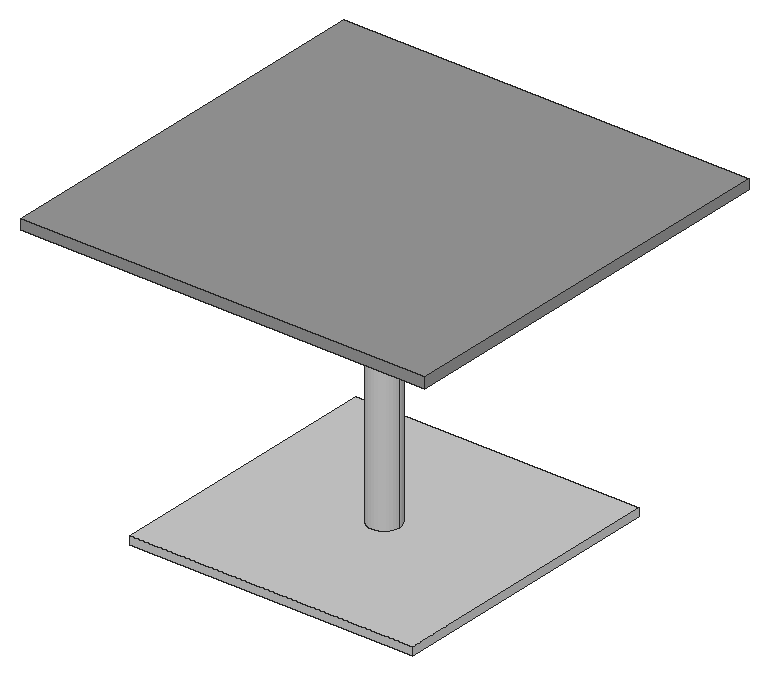
Revit family "Haworth_MeetingPoints_Table_Square_EU_PRELIMINARY", category Furniture, Revit 2019
Family settings
  OmniClass Number = 23.40.70.14.64.21
  OmniClass Title = Systems Furniture
  Work Plane-Based = No
  Always vertical = Yes
  Cut with Voids When Loaded = No
  Shared = No
  Room Calculation Point = No
Parameters (values of type "100cm x 74h - with Square Base")
  Standard Widths = "70, 80, 90, 100 cm"  # constant formula
  Warranty = "http://www.haworth.com/resources/product-info/warranties"
  URL - Product = "https://www.haworth.com/eu/en/products/meeting-tables/meeting-points.html"
  Table Finish [instance] = Haworth _ Laminate _ Undecided _ Tables
  Square Base Support = yes
  Small = Actual Width = 70 cm  # no
  Model = "A00000002"  # constant formula
  Min. Height = 74 cm  # constant formula
  Min. Width = 70 cm  # constant formula
  Max. Height = 110 cm  # constant formula
  Max. Width = 100 cm  # constant formula
  Large = not(or(Four Star Base, Actual Width = 70 cm))  # yes
  Height = 74 cm
  Glides = no
  Glide Finish = Haworth _ Polymer _ Black
  Four Star Base = not(Square Base Support)  # no
  Description = "Haworth - Meeting Points - Table - Square"  # constant formula
  URL = "https://www.haworth.com/eu/en.html"
  Size = "Verify Final Dim. w/ Haworth"  # constant formula
  Revision Number = "1"  # constant formula
  Manufacturer = "Haworth"  # constant formula
  Casters = not(or(Glides, Square Base Support))  # no
  Base Height = Actual Height - 3.5 cm  # 70.5 cm
  Base Finish [instance] = Haworth _ Paint _ Undecided _ Table
  Author = "Haworth (Abd Rahman)"  # constant formula
  Assembly Code = "E2020200"
  Actual Width = 100 cm
  Actual Height = if(Height > Max. Height, Max. Height, if(Height < Min. Height, Min. Height, Height))  # 74 cm
  Actual Depth = if(Actual Width > Max. Width, Max. Width, if(Actual Width < Min. Width, Min. Width, Actual Width))  # 100 cm
Types (7, lengths in cm): name | Square Base Support | Small | Large | Height | Glides | Four Star Base | Casters | Base Height | Actual Width | Actual Height | Actual Depth
  70cm x 74h - with Casters | no | yes | no | 74 | no | yes | yes | 70.5 | 70 | 74 | 70
  80cm x 110h - with Glides | no | no | no | 110 | yes | yes | no | 106.5 | 80 | 110 | 80
  90cm x 74h - with Casters | no | no | no | 74 | no | yes | yes | 70.5 | 90 | 74 | 90
  100cm x 110h - with Glides | no | no | no | 110 | yes | yes | no | 106.5 | 100 | 110 | 100
  90cm x 74h - with Glides | no | no | no | 74 | yes | yes | no | 70.5 | 90 | 74 | 90
  70cm x 110h - with Square Base | yes | yes | no | 110 | no | no | no | 106.5 | 70 | 110 | 70
  100cm x 74h - with Square Base | yes | no | yes | 74 | no | no | no | 70.5 | 100 | 74 | 100
Reference planes (cm)
  plane 1 "Center F/B": y = 0
  plane 2: z = 0
  plane 3 "Top": z = 74
  plane 4: x = 0
  plane 5 "Base Top": z = 1.905
  plane 6: z = 71.5
  plane 7: x = -50
  plane 8: x = 50
  plane 9: y = -50
  plane 10: y = 50
  plane 11: z = 70.5
  plane 12: z = 4.0135
  plane 13: z = 10.1004
Forms (cm)
  Extrusion 1, solid, material "Haworth _ Paint _ Undecided _ Table" <- "Base Finish"
    sketch origin (0, 0, 36) x (1, 0, 0) y (0, 1, 0)
      loop
        circle (0, 0) r 14.6201
    from 34.5 to 35.5
  Extrusion 2, solid, material "Haworth _ Paint _ Undecided _ Table" <- "Base Finish", visible <- "Glides"
    sketch origin (0, 0, 0) x (1, 0, 0) y (0, 1, 0)
      loop
        circle (0, 0) r 3
    from 4.0135 to 70.5
  Extrusion 3, solid, material "Haworth _ Paint _ Undecided _ Table" <- "Base Finish", visible <- "Casters"
    sketch origin (0, 0, 0) x (1, 0, 0) y (0, 1, 0)
      loop
        circle (0, 0) r 3
    from 10.1004 to 70.5
  Extrusion 4, solid, material "Haworth _ Laminate _ Undecided _ Tables" <- "Table Finish"
    sketch origin (0, 0, 0) x (1, 0, 0) y (0, 1, 0)
      loop
        line (-50, 50) -> (-50, -50) -> (50, -50) -> (50, 50) -> (-50, 50)
    from 71.5 to 74
Lines and regions (cm)
  Masking region 1
    outline origin (0, 0, 0) x (1, 0, 0) y (0, 1, 0)
      loop
        line (-50, 50) -> (-50, -50) -> (50, -50) -> (50, 50) -> (-50, 50)
Dimensions and locks (cm)
  "Actual Height": plane 3 "Top" to level
  locked: plane 5 "Base Top" to level at 1.905
  "Actual Width": plane 7 to plane 8
  "Actual Depth": plane 9 to plane 10
  equal spacing: plane 9, plane 1 "Center F/B", plane 10
  equal spacing: plane 7, plane 4, plane 8
  plane 3 "Top" to plane 6 to plane 11 = 2.5 cm locked, 1 cm locked
  aligned and locked: plane 4 to nested 1
  aligned and locked: plane 1 "Center F/B" to nested 1
  aligned and locked: level to nested 1
  aligned and locked: plane 6 to Extrusion 1
  aligned and locked: Extrusion 1 to plane 11
  aligned and locked: plane 4 to nested 3
  aligned and locked: plane 1 "Center F/B" to nested 3
  aligned and locked: plane 4 to nested 2
  aligned and locked: plane 1 "Center F/B" to nested 2
  aligned and locked: nested 2 to level
  aligned and locked: level to nested 3
  aligned and locked: plane 1 "Center F/B" to Extrusion 2 sketch curve
  aligned and locked: plane 4 to Extrusion 2 sketch curve
  aligned and locked: plane 11 to Extrusion 2
  aligned and locked: Extrusion 2 to plane 12
  aligned and locked: Extrusion 3 to plane 13
  aligned and locked: plane 11 to Extrusion 3
  aligned and locked: plane 1 "Center F/B" to Extrusion 1 sketch curve
  aligned and locked: plane 4 to Extrusion 1 sketch curve
  aligned and locked: plane 4 to Extrusion 3 sketch curve
  aligned and locked: plane 1 "Center F/B" to Extrusion 3 sketch curve
  aligned and locked: plane 8 to Extrusion 4 sketch curve
  aligned and locked: Extrusion 4 sketch curve to plane 7
  aligned and locked: plane 10 to Extrusion 4 sketch curve
  aligned and locked: Extrusion 4 sketch curve to plane 9
  aligned and locked: plane 3 "Top" to Extrusion 4
  aligned and locked: Extrusion 4 to plane 6
  aligned and locked: plane 8 to Masking region 1 sketch curve
  aligned and locked: plane 10 to Masking region 1 sketch curve
  aligned and locked: Masking region 1 sketch curve to plane 7
  aligned and locked: Masking region 1 sketch curve to plane 9
Automatic sketch dimensions
  radius of Extrusion 1 sketch curve = 14.6201 cm
  radius of Extrusion 2 sketch curve = 3 cm
  radius of Extrusion 3 sketch curve = 3 cm
Nested families (cm)
  nested 1: "Haworth_MeetingTable_SquareBase_PART" at (0, 0, 0), visible <- "Square Base Support", type "Square Base - PART"
    with Small no, Actual Width 70 cm
  nested 2: "Haworth_MeetingPoints_TableBase_Glides_PART" at (0, 1.6111, 0), visible <- "Glides", Base Finish <- "Base Finish", type "Glides - PART"
    with Base Finish Haworth _ Paint _ Undecided _ Table
  nested 3: "Haworth_MeetingPoints_TableBase_Casters_PART" at (0, 0, 0), visible <- "Casters", Support Finish <- "Base Finish", type "Casters - PART"
    with Support Finish Haworth _ Paint _ Undecided _ Table
Definition of nested family "Haworth_MeetingTable_SquareBase_PART"
  Parameters (values of type "Square Base - PART")
    Warranty = "https://www.haworth.com/resources/product-info/warranties"
    URL - Product = "https://www.haworth.com/products/tables/collaborative/planes"
    Support Finish = none
    Small = yes
    Large = yes
    Model = "Haworth - Meeting Points"  # constant formula
    Glide Finish = none
    Description = "Haworth - Meeting Points - Square Base - PART"  # constant formula
    URL = "www.haworth.com"
    Size = "Verify Final Dim. w/ Haworth"  # constant formula
    Revision Number = "1"  # constant formula
    Manufacturer = "Haworth"  # constant formula
    Author = "Haworth (Abd Rahman)"  # constant formula
    Assembly Code = "E2020200"
    Actual Width = if(Small, 58 cm, 70 cm)  # 58 cm
    Actual Height = 70.5 cm
  Reference planes (cm)
    plane 1 "Center F/B": y = 0
    plane 2 "Bottom": z = 0
    plane 3 "Top": z = 70.5
    plane 4: x = 0
    plane 5 "Base Top": z = 2.5
    plane 6 "2": z = 0.5
    plane 7: x = -25
    plane 8: y = 25
    plane 9: y = -25
    plane 10: x = 25
    plane 11: x = -29
    plane 12: x = 29
    plane 13: y = 29
    plane 14: y = -29
  Forms (cm)
    Extrusion 1, solid, material <- "Support Finish"
      sketch origin (0, 0, 0) x (1, 0, 0) y (0, 1, 0)
        loop
          circle (0, 0) r 3.81
      from 2.5 to 70.5
    Extrusion 2, solid, material <- "Glide Finish"
      sketch origin (0, 0, 0) x (1, 0, 0) y (0, 1, 0)
        loop
          circle (25, 25) r 2
        loop
          circle (-25, 25) r 2
        loop
          circle (25, -25) r 2
        loop
          circle (-25, -25) r 2
      from 0 to 0.5
    Extrusion 3, solid, material <- "Support Finish"
      sketch origin (0, 0, 0) x (1, 0, 0) y (0, 1, 0)
        loop
          line (-29, 29) -> (-29, -29) -> (29, -29) -> (29, 29) -> (-29, 29)
      from 0.5 to 2.5
  Lines and regions (cm)
    Masking region 1
      outline origin (0, 0, 0) x (1, 0, 0) y (0, 1, 0)
        loop
          line (-29, 29) -> (-29, -29) -> (29, -29) -> (29, 29) -> (-29, 29)
  Dimensions and locks (cm)
    "Actual Height": plane 3 "Top" to level
    plane 5 "Base Top" to level = 2.5 cm
    equal spacing: plane 14, plane 1 "Center F/B", plane 13
    equal spacing: plane 11, plane 4, plane 12
    "Actual Width": plane 11 to plane 12
    "Actual Width": plane 14 to plane 13
    locked: plane 14 to plane 9 at 4
    locked: plane 8 to plane 13 at 4
    locked: plane 11 to plane 7 at 4
    locked: plane 10 to plane 12 at 4
    aligned and locked: plane 3 "Top" to Extrusion 1
    aligned and locked: Extrusion 1 to plane 5 "Base Top"
    aligned and locked: plane 1 "Center F/B" to Extrusion 1 sketch curve
    aligned and locked: plane 4 to Extrusion 1 sketch curve
    aligned and locked: Extrusion 2 to level
    aligned and locked: plane 6 "2" to Extrusion 2
    aligned and locked: Extrusion 3 sketch curve to plane 11
    aligned and locked: plane 13 to Extrusion 3 sketch curve
    aligned and locked: plane 12 to Extrusion 3 sketch curve
    aligned and locked: Extrusion 3 sketch curve to plane 14
    aligned and locked: plane 12 to Masking region 1 sketch curve
    aligned and locked: plane 13 to Masking region 1 sketch curve
    aligned and locked: Masking region 1 sketch curve to plane 11
    aligned and locked: Masking region 1 sketch curve to plane 14
    aligned and locked: plane 7 to Extrusion 2 sketch curve  (x2)
    aligned and locked: plane 10 to Extrusion 2 sketch curve  (x2)
    aligned and locked: plane 8 to Extrusion 2 sketch curve  (x2)
    aligned and locked: plane 9 to Extrusion 2 sketch curve  (x2)
    aligned and locked: plane 5 "Base Top" to Extrusion 3
    aligned and locked: Extrusion 3 to plane 6 "2"
  Automatic sketch dimensions
    radius of Extrusion 1 sketch curve = 3.81 cm
    radius of Extrusion 2 sketch curve = 2 cm  (x4)
Definition of nested family "Haworth_MeetingPoints_TableBase_Glides_PART"
  Parameters (values of type "Glides - PART")
    Warranty = ""
    Model = "Haworth - Meeting Points - Table - Base - PART"  # constant formula
    Glide Finish = none
    Description = "Haworth - Meeting Points - Table - Base - PART"  # constant formula
    URL = "https://www.haworth.com/eu/en.html"
    Size = "Verify Final Dim. w/ Haworth"  # constant formula
    Revision Number = "1"  # constant formula
    Manufacturer = "Haworth"  # constant formula
    Base Finish [instance] = none
    Author = "Haworth (Abd Rahman)"  # constant formula
    Assembly Code = "E2020200"
    Actual Diameter = 100 cm  # constant formula
  Reference planes (cm)
    plane 1: z = 0
    plane 2 "Top": z = 7.81
    plane 3: x = 0
    plane 4 "Base Top": z = 1.905
    plane 5: x = -50
    plane 6: x = 50
    plane 7 "Back": y = 50
    plane 8 "Front": y = -50
    plane 9: y = -1.6111
  Forms (cm)
    Extrusion 1, solid, material <- "Glide Finish"
      sketch origin (25.1831, 8.821, 0) x (1, 0, 0) y (0, 1, 0)
        loop
          circle (-52.0663, -37.2345) r 1.8056
        loop
          circle (-52.0663, 16.5056) r 1.8056
        loop
          circle (1.6738, 16.5056) r 1.8056
        loop
          circle (1.6738, -37.2345) r 1.8056
      from 0 to 1.1112
    Extrusion 2, solid, material <- "Base Finish"
      sketch origin (-1.2069, 0, 0) x (1, 0, 0) y (0, 1, 0)
        loop
          line (-3.6034, -2.2979) -> (-27.0873, -27.1512)
          arc (-27.0873, -27.1512) -> (-27.0478, -29.939) -> (-24.26, -29.9785) r 2
          line (-24.26, -29.9785) -> (0.7879, -6.3107)
          arc (0.7879, -6.3107) -> (1.2808, -6.1147) -> (1.7737, -6.3107) r 0.7177
          line (1.7737, -6.3107) -> (26.7509, -29.9117)
          arc (26.7509, -29.9117) -> (29.5387, -29.8723) -> (29.5782, -27.0845) r 2
          line (29.5782, -27.0845) -> (6.0987, -2.2358)
          arc (6.0987, -2.2358) -> (5.8256, -1.549) -> (6.0987, -0.8622) r 1
          line (6.0987, -0.8622) -> (29.6305, 24.0417)
          arc (29.6305, 24.0417) -> (29.591, 26.8295) -> (26.8032, 26.869) r 2
          line (26.8032, 26.869) -> (1.7522, 3.1982)
          arc (1.7522, 3.1982) -> (1.2069, 2.9813) -> (0.6616, 3.1982) r 0.7939
          line (0.6616, 3.1982) -> (-24.1752, 26.6666)
          arc (-24.1752, 26.6666) -> (-26.9631, 26.6271) -> (-27.0025, 23.8393) r 2
          line (-27.0025, 23.8393) -> (-3.6034, -0.9243)
          arc (-3.6034, -0.9243) -> (-3.3302, -1.6111) -> (-3.6034, -2.2979) r 1
      from 1.905 to 7.0809
    Extrusion 3, void
      sketch origin (-1.2069, -50, 0) x (-1, 0, 0) y (0, 0, 1)
        loop
          line (-1.7126, 3.9738) -> (-25.7643, 2.6518) -> (-26.2422, 2.4) -> (-31.2789, 2.4) -> (-31.2789, 7.0809) -> (-39.7789, 7.0809) -> (-39.7789, -1.9191) -> (40.7789, -1.9191) -> (40.7789, 7.0809) -> (28.1657, 7.0809) -> (28.1657, 2.4) -> (23.9385, 2.4) -> (23.2002, 2.7891) -> (1.6454, 3.9738)
          arc (1.6454, 3.9738) -> (-0.0336, 4.02) -> (-1.7126, 3.9738) r 30.5922
      from 8.5977 to 90.1645
    Extrusion 4, solid, material <- "Glide Finish"
      sketch origin (-1.5335, -0.2926, 0) x (1, 0, 0) y (0, 1, 0)
        loop
          circle (28.4096, -28.0906) r 0.5876
        loop
          circle (-25.3032, -28.1046) r 0.5876
        loop
          circle (28.3874, 25.5909) r 0.5876
        loop
          circle (-25.3548, 25.6491) r 0.5876
      from 0.93 to 3.81
    Extrusion 5, void
      sketch origin (-1.2069, -50, 0) x (-1, 0, 0) y (0, 0, 1)
        loop
          arc (-11.8752, 6.5859) -> (0.0211, 7.0536) -> (11.9173, 6.5859) r 151.5
          line (11.9173, 6.5859) -> (26.9426, 5.4024) -> (29.2931, 5.2172) -> (29.2931, 8.2203) -> (-32.2789, 8.2203) -> (-32.2789, 4.9787) -> (-26.9423, 5.3991) -> (-11.8752, 6.5859)
      from 17.6538 to 80.4712
  Cuts and joins
    Extrusion 3, Extrusion 5 cuts Extrusion 2
    joined: Extrusion 1, Extrusion 4
  Lines and regions (cm)
    Masking region 1
      outline origin (-1.2069, 0, 0) x (1, 0, 0) y (0, 1, 0)
        loop
          line (26.8028, 26.8693) -> (1.7522, 3.1982)
          spline (1.7522, 3.1982) -> (1.6752, 3.1342) -> (1.5908, 3.0803) -> (1.5003, 3.0375) -> (1.4051, 3.0065) -> (1.3068, 2.9876) -> (1.2069, 2.9813) -> (1.107, 2.9876) -> (1.0086, 3.0065) -> (0.9135, 3.0375) -> (0.823, 3.0803) -> (0.7385, 3.1342) -> (0.6616, 3.1982)
          line (0.6616, 3.1982) -> (-24.1752, 26.6666)
          arc (-24.1752, 26.6666) -> (-26.9631, 26.6271) -> (-27.0025, 23.8393) r 2
          line (-27.0025, 23.8393) -> (-3.6033, -0.9243)
          spline (-3.6033, -0.9243) -> (-3.5227, -1.0212) -> (-3.4549, -1.1276) -> (-3.401, -1.2415) -> (-3.3619, -1.3614) -> (-3.3382, -1.4853) -> (-3.3302, -1.6111) -> (-3.3382, -1.7369) -> (-3.3619, -1.8608) -> (-3.401, -1.9807) -> (-3.4549, -2.0947) -> (-3.5227, -2.201) -> (-3.6033, -2.2979)
          line (-3.6033, -2.2979) -> (-27.0873, -27.1512)
          arc (-27.0873, -27.1512) -> (-27.0478, -29.939) -> (-24.26, -29.9785) r 2
          line (-24.26, -29.9785) -> (0.7879, -6.3107)
          spline (0.7879, -6.3107) -> (0.8574, -6.2528) -> (0.9337, -6.2042) -> (1.0155, -6.1655) -> (1.1016, -6.1374) -> (1.1905, -6.1204) -> (1.2808, -6.1147) -> (1.3711, -6.1204) -> (1.46, -6.1374) -> (1.546, -6.1655) -> (1.6278, -6.2041) -> (1.7041, -6.2528) -> (1.7737, -6.3107)
          line (1.7737, -6.3107) -> (26.7491, -29.91)
          arc (26.7491, -29.91) -> (29.5379, -29.8732) -> (29.5782, -27.0845) r 2
          line (29.5782, -27.0845) -> (6.0987, -2.2357)
          spline (6.0987, -2.2357) -> (6.018, -2.1388) -> (5.9502, -2.0325) -> (5.8964, -1.9186) -> (5.8573, -1.7987) -> (5.8335, -1.6749) -> (5.8256, -1.549) -> (5.8335, -1.4232) -> (5.8573, -1.2993) -> (5.8964, -1.1795) -> (5.9502, -1.0655) -> (6.018, -0.9592) -> (6.0987, -0.8623)
          line (6.0987, -0.8623) -> (29.6259, 24.0369)
          arc (29.6259, 24.0369) -> (29.5933, 26.8272) -> (26.8028, 26.8693) r 2
  Dimensions and locks (cm)
    locked: plane 4 "Base Top" to level at 1.905
    "Actual Diameter": plane 5 to plane 6
    equal spacing: plane 5, plane 3, plane 6
    plane 7 "Back" to plane 8 "Front" = 100 cm
    "Actual Diameter": plane 7 "Back" to plane 8 "Front"
  Automatic sketch dimensions
    Extrusion 2 sketch curve to plane 5 = 21.7058 cm
    Extrusion 2 sketch curve to plane 5 = 21.7906 cm
    Extrusion 2 sketch curve to Extrusion 2 sketch curve = 1.4537 cm  (x4)
    Extrusion 2 sketch curve to Extrusion 2 sketch curve = 1.3736 cm  (x8)
    plane 3 to Extrusion 2 sketch curve = 5.5371 cm
    Extrusion 2 sketch curve to Extrusion 2 sketch curve = 0.7268 cm  (x3)
    plane 3 to Extrusion 2 sketch curve = 0.5453 cm
    plane 3 to Extrusion 2 sketch curve = 0.419 cm
    Extrusion 2 sketch curve to Extrusion 2 sketch curve = 0.5453 cm  (x2)
    Extrusion 2 sketch curve to Extrusion 2 sketch curve = 0.4929 cm  (x2)
    Extrusion 2 sketch curve to Extrusion 2 sketch curve = 4.3465 cm
    Extrusion 2 sketch curve to Extrusion 2 sketch curve = 0 cm
    plane 6 to Extrusion 2 sketch curve = 24.456 cm
    plane 6 to Extrusion 2 sketch curve = 24.4037 cm
    Extrusion 2 sketch curve to Extrusion 2 sketch curve = 4.0749 cm
    Extrusion 2 sketch curve to Extrusion 2 sketch curve = 0.5217 cm
    plane 8 "Front" to Extrusion 2 sketch curve = 22.9155 cm
    plane 8 "Front" to Extrusion 2 sketch curve = 22.8488 cm
    Extrusion 2 sketch curve to Extrusion 2 sketch curve = 0.5771 cm
    plane 4 "Base Top" to Extrusion 5 sketch curve = 6.3153 cm
    plane 6 to Extrusion 5 sketch curve = 18.928 cm
    plane 4 "Base Top" to Extrusion 5 sketch curve = 3.4941 cm
    Extrusion 5 sketch curve to Extrusion 5 sketch curve = 5.3366 cm
    plane 4 "Base Top" to Extrusion 5 sketch curve = 4.6809 cm  (x2)
    Extrusion 5 sketch curve to plane 3 = 10.6683 cm
    plane 3 to Extrusion 5 sketch curve = 1.228 cm
    plane 4 "Base Top" to Extrusion 5 sketch curve = 3.4974 cm
    Extrusion 5 sketch curve to Extrusion 5 sketch curve = 15.0253 cm
    Extrusion 5 sketch curve to Extrusion 5 sketch curve = 2.3505 cm
    Extrusion 5 sketch curve to Extrusion 5 sketch curve = 0.1851 cm
    plane 4 "Base Top" to Extrusion 5 sketch curve = 3.0737 cm
    Extrusion 5 sketch curve to level = 144.4464 cm
    Extrusion 3 sketch curve to level = 1.9191 cm
    plane 6 to Extrusion 3 sketch curve = 11.428 cm
    Extrusion 3 sketch curve to Extrusion 3 sketch curve = 8.5 cm
    plane 4 "Base Top" to Extrusion 3 sketch curve = 0.495 cm  (x2)
    Extrusion 3 sketch curve to Extrusion 3 sketch curve = 5.0367 cm
    plane 4 "Base Top" to Extrusion 3 sketch curve = 0.7468 cm
    Extrusion 3 sketch curve to Extrusion 3 sketch curve = 0.4779 cm
    Extrusion 3 sketch curve to plane 3 = 0.5057 cm
    plane 3 to Extrusion 3 sketch curve = 1.1733 cm
    plane 3 to Extrusion 3 sketch curve = 2.8523 cm
    plane 4 "Base Top" to Extrusion 3 sketch curve = 0.8841 cm
    Extrusion 3 sketch curve to Extrusion 3 sketch curve = 21.5548 cm
    Extrusion 3 sketch curve to Extrusion 3 sketch curve = 0.7384 cm
    Extrusion 3 sketch curve to Extrusion 3 sketch curve = 4.2272 cm
    Extrusion 3 sketch curve to plane 5 = 8.0142 cm
    Extrusion 3 sketch curve to level = 26.5722 cm
    plane 4 "Base Top" to Extrusion 3 sketch curve = 2.0688 cm
    Extrusion 3 sketch curve to Extrusion 3 sketch curve = 4.6809 cm  (x2)
    Extrusion 4 sketch curve to plane 5 = 23.1117 cm
    Extrusion 4 sketch curve to plane 5 = 23.1633 cm
    plane 6 to Extrusion 4 sketch curve = 23.1461 cm
    plane 6 to Extrusion 4 sketch curve = 23.1239 cm
    plane 8 "Front" to Extrusion 4 sketch curve = 21.6029 cm
    plane 8 "Front" to Extrusion 4 sketch curve = 21.6169 cm
    Extrusion 4 sketch curve to plane 7 "Back" = 24.7017 cm
    Extrusion 4 sketch curve to plane 7 "Back" = 24.6435 cm
    Extrusion 1 sketch curve to plane 5 = 23.1168 cm  (x2)
    plane 6 to Extrusion 1 sketch curve = 23.1431 cm  (x2)
    plane 8 "Front" to Extrusion 1 sketch curve = 21.5865 cm  (x2)
    Extrusion 1 sketch curve to plane 7 "Back" = 24.6734 cm  (x2)
    Masking region 1 sketch curve to plane 5 = 23.1595 cm
    Masking region 1 sketch curve to plane 5 = 23.2443 cm
    plane 3 to Masking region 1 sketch curve = 0.5453 cm
    plane 3 to Masking region 1 sketch curve = 0.419 cm
    Masking region 1 sketch curve to Masking region 1 sketch curve = 1.0906 cm
    Masking region 1 sketch curve to Masking region 1 sketch curve = 0.9858 cm
    Masking region 1 sketch curve to Masking region 1 sketch curve = 4.3465 cm
    Masking region 1 sketch curve to Masking region 1 sketch curve = 0 cm  (x9)
    plane 6 to Masking region 1 sketch curve = 24.4578 cm
    Masking region 1 sketch curve to Masking region 1 sketch curve = 1.3754 cm
    plane 6 to Masking region 1 sketch curve = 23.0301 cm
    Masking region 1 sketch curve to Masking region 1 sketch curve = 1.4537 cm  (x3)
    Masking region 1 sketch curve to Masking region 1 sketch curve = 1.4492 cm
    Masking region 1 sketch curve to Masking region 1 sketch curve = 4.075 cm
    plane 8 "Front" to Masking region 1 sketch curve = 22.9155 cm
    Masking region 1 sketch curve to Masking region 1 sketch curve = 1.3736 cm  (x5)
    plane 8 "Front" to Masking region 1 sketch curve = 21.4752 cm
    Masking region 1 sketch curve to plane 7 "Back" = 24.7871 cm
    Masking region 1 sketch curve to Masking region 1 sketch curve = 1.3784 cm
    Masking region 1 sketch curve to Masking region 1 sketch curve = 0.5453 cm
    Masking region 1 sketch curve to Masking region 1 sketch curve = 0.4929 cm
    Masking region 1 sketch curve to Masking region 1 sketch curve = 0.2029 cm
    Masking region 1 sketch curve to Masking region 1 sketch curve = 0.2025 cm
    Masking region 1 sketch curve to Masking region 1 sketch curve = 0.7256 cm
    Masking region 1 sketch curve to Masking region 1 sketch curve = 1.3739 cm
    Masking region 1 sketch curve to Masking region 1 sketch curve = 0.0003 cm  (x2)
    Masking region 1 sketch curve to Masking region 1 sketch curve = 0.6867 cm
    Masking region 1 sketch curve to Masking region 1 sketch curve = 0.7264 cm  (x2)
    plane 3 to Masking region 1 sketch curve = 4.8102 cm
    Masking region 1 sketch curve to Masking region 1 sketch curve = 1.6866 cm
    Masking region 1 sketch curve to Masking region 1 sketch curve = 0.313 cm
    Extrusion 2 sketch curve to Extrusion 2 sketch curve = 23.0794 cm
    Extrusion 2 sketch curve to Extrusion 2 sketch curve = 4.0128 cm
    Extrusion 2 sketch curve to Extrusion 2 sketch curve = 0.6868 cm  (x2)
    Extrusion 2 sketch curve to Extrusion 2 sketch curve = 4.1225 cm
    Extrusion 2 sketch curve to plane 7 "Back" = 26.1607 cm
    Extrusion 2 sketch curve to plane 7 "Back" = 25.9583 cm
    Masking region 1 sketch curve to Masking region 1 sketch curve = 23.6678 cm
    Masking region 1 sketch curve to Masking region 1 sketch curve = 5.3864 cm
    Masking region 1 sketch curve to Masking region 1 sketch curve = 4.0605 cm
    Masking region 1 sketch curve to plane 7 "Back" = 25.9631 cm
    Masking region 1 sketch curve to Masking region 1 sketch curve = 0.3127 cm
    radius of Extrusion 4 sketch curve = 0.5876 cm  (x4)
    radius of Extrusion 1 sketch curve = 1.8056 cm  (x4)
Definition of nested family "Haworth_MeetingPoints_TableBase_Casters_PART"
  Parameters (values of type "Casters - PART")
    Warranty = ""
    Support Finish [instance] = none
    Model = "Haworth - Meeting Points - Table - Base - PART"  # constant formula
    Glide Finish = none
    Description = "Haworth - Meeting Points - Table - Base - PART"  # constant formula
    URL = "https://www.haworth.com/eu/en.html"
    Size = "Verify Final Dim. w/ Haworth"  # constant formula
    Revision Number = "1"  # constant formula
    Manufacturer = "Haworth"  # constant formula
    Author = "Haworth (Abd Rahman)"  # constant formula
    Assembly Code = "E2020200"
    Actual Diameter = 80 cm  # constant formula
  Reference planes (cm)
    plane 1 "Center F/B": y = 0
    plane 2: z = 0
    plane 3 "Top": z = 74
    plane 4: x = 0
    plane 5 "Base Top": z = 1.905
    plane 6: z = 71.5
    plane 7: x = -40
    plane 8: x = 40
    plane 9: y = -40
    plane 10: y = 40
  Forms (cm)
    Extrusion 1, solid, material <- "Support Finish"
      sketch origin (0, 0, 2.75) x (1, 0, 0) y (0, 1, 0)
        loop
          line (-5.1492, -1.1213) -> (-28.9545, -26.3147)
          arc (-28.9545, -26.3147) -> (-29.0991, -26.8515) -> (-29.0194, -27.4016) r 1.3748
          arc (-29.0194, -27.4016) -> (-28.271, -28.332) -> (-27.2997, -29.0266) r 4.3928
          arc (-27.2997, -29.0266) -> (-26.6079, -29.1486) -> (-25.9738, -28.8461) r 1.1521
          line (-25.9738, -28.8461) -> (-0.7662, -5.132)
          arc (-0.7662, -5.132) -> (-0.2735, -4.936) -> (0.2194, -5.1317) r 0.7177
          line (0.2194, -5.1317) -> (25.2847, -28.7908)
          arc (25.2847, -28.7908) -> (25.9301, -29.1331) -> (26.6598, -29.0964) r 1.3748
          arc (26.6598, -29.0964) -> (27.6111, -28.3746) -> (28.3328, -27.4234) r 4.3928
          arc (28.3328, -27.4234) -> (28.4792, -26.7952) -> (28.265, -26.1867) r 1.1521
          line (28.265, -26.1867) -> (4.5409, -1.0792)
          arc (4.5409, -1.0792) -> (4.2678, -0.3924) -> (4.5409, 0.2944) r 1
          line (4.5409, 0.2944) -> (28.1565, 25.287)
          arc (28.1565, 25.287) -> (28.4626, 25.9378) -> (28.3231, 26.6434) r 1.1521
          arc (28.3231, 26.6434) -> (27.6013, 27.5947) -> (26.6501, 28.3164) r 4.3928
          arc (26.6501, 28.3164) -> (25.92, 28.353) -> (25.2744, 28.0103) r 1.3748
          line (25.2744, 28.0103) -> (0.2218, 4.3381)
          arc (0.2218, 4.3381) -> (-0.3235, 4.1212) -> (-0.8688, 4.3381) r 0.7939
          line (-0.8688, 4.3381) -> (-25.9802, 28.066)
          arc (-25.9802, 28.066) -> (-26.6163, 28.3684) -> (-27.3094, 28.2466) r 1.1521
          arc (-27.3094, 28.2466) -> (-28.2807, 27.552) -> (-29.0291, 26.6216) r 4.3928
          arc (-29.0291, 26.6216) -> (-29.0918, 25.9224) -> (-28.8011, 25.2834) r 1.3748
          line (-28.8011, 25.2834) -> (-5.1492, 0.2523)
          arc (-5.1492, 0.2523) -> (-4.876, -0.4345) -> (-5.1492, -1.1213) r 1
      from 5.757 to 11.442
    Extrusion 2, void
      sketch origin (0, -50, 6) x (-1, 0, 0) y (0, 0, 1)
        loop
          line (-1.7126, 4.0676) -> (-24.1039, 2.8369) -> (-24.9329, 2.4) -> (-28.8991, 2.4) -> (-28.8991, 7.0809) -> (-39.7789, 7.0809) -> (-39.7789, -1.9191) -> (40.7789, -1.9191) -> (40.7789, 7.0809) -> (29.3673, 7.0809) -> (29.3673, 2.4) -> (25.6317, 2.4) -> (24.8919, 2.7898) -> (1.6454, 4.0676)
          arc (1.6454, 4.0676) -> (-0.0336, 4.1137) -> (-1.7126, 4.0676) r 30.5922
      from 8.5977 to 90.1645
    Extrusion 3, void
      sketch origin (0, -50, 6.375) x (-1, 0, 0) y (0, 0, 1)
        loop
          arc (-11.0896, 6.3373) -> (0.8067, 6.8051) -> (12.7029, 6.3373) r 151.5
          line (12.7029, 6.3373) -> (26.928, 5.2168) -> (29.2931, 5.0305) -> (29.2931, 8.2203) -> (-29.2931, 8.2203) -> (-29.2931, 4.9034) -> (-26.918, 5.0905) -> (-11.0896, 6.3373)
      from 17.6538 to 80.4712
  Cuts and joins
    Extrusion 2, Extrusion 3 cuts Extrusion 1
  Lines and regions (cm)
    Masking region 1
      outline origin (0, 0, 0) x (1, 0, 0) y (0, 1, 0)
        loop
          line (-0.8688, 4.3381) -> (-25.9802, 28.066)
          arc (-25.9802, 28.066) -> (-26.6163, 28.3684) -> (-27.3094, 28.2466) r 1.1521
          arc (-27.3094, 28.2466) -> (-28.2807, 27.552) -> (-29.0291, 26.6216) r 4.3928
          arc (-29.0291, 26.6216) -> (-29.0918, 25.9224) -> (-28.8011, 25.2835) r 1.3748
          line (-28.8011, 25.2835) -> (-5.1492, 0.2523)
          spline (-5.1492, 0.2523) -> (-5.0685, 0.1554) -> (-5.0007, 0.0491) -> (-4.9468, -0.0649) -> (-4.9077, -0.1847) -> (-4.884, -0.3086) -> (-4.876, -0.4344) -> (-4.884, -0.5603) -> (-4.9077, -0.6841) -> (-4.9468, -0.804) -> (-5.0007, -0.918) -> (-5.0685, -1.0243) -> (-5.1491, -1.1212)
          line (-5.1491, -1.1212) -> (-28.9546, -26.3148)
          arc (-28.9546, -26.3148) -> (-29.0991, -26.8515) -> (-29.0194, -27.4016) r 1.3748
          arc (-29.0194, -27.4016) -> (-28.271, -28.332) -> (-27.2997, -29.0266) r 4.3928
          arc (-27.2997, -29.0266) -> (-26.6079, -29.1486) -> (-25.9738, -28.8461) r 1.1521
          line (-25.9738, -28.8461) -> (-0.7663, -5.1321)
          spline (-0.7663, -5.1321) -> (-0.6968, -5.0742) -> (-0.6205, -5.0256) -> (-0.5387, -4.9869) -> (-0.4527, -4.9588) -> (-0.3639, -4.9417) -> (-0.2736, -4.936) -> (-0.1833, -4.9416) -> (-0.0944, -4.9586) -> (-0.0084, -4.9866) -> (0.0735, -5.0253) -> (0.1498, -5.0739) -> (0.2193, -5.1317)
          line (0.2193, -5.1317) -> (25.2847, -28.7908)
          arc (25.2847, -28.7908) -> (25.9301, -29.1331) -> (26.6598, -29.0964) r 1.3748
          arc (26.6598, -29.0964) -> (27.6111, -28.3746) -> (28.3328, -27.4234) r 4.3928
          arc (28.3328, -27.4234) -> (28.4724, -26.7177) -> (28.166, -26.0667) r 1.1521
          line (28.166, -26.0667) -> (4.5272, -1.0647)
          spline (4.5272, -1.0647) -> (4.4494, -0.9676) -> (4.3844, -0.8615) -> (4.333, -0.7482) -> (4.2961, -0.6294) -> (4.2742, -0.5069) -> (4.2677, -0.3826) -> (4.2767, -0.2585) -> (4.301, -0.1365) -> (4.3403, -0.0184) -> (4.3939, 0.0938) -> (4.4611, 0.1986) -> (4.5407, 0.2941)
          line (4.5407, 0.2941) -> (28.1565, 25.287)
          arc (28.1565, 25.287) -> (28.4626, 25.9378) -> (28.3231, 26.6434) r 1.1521
          arc (28.3231, 26.6434) -> (27.6013, 27.5947) -> (26.6501, 28.3164) r 4.3928
          arc (26.6501, 28.3164) -> (25.92, 28.353) -> (25.2744, 28.0103) r 1.3748
          line (25.2744, 28.0103) -> (0.2218, 4.3381)
          spline (0.2218, 4.3381) -> (0.1448, 4.274) -> (0.0604, 4.2202) -> (-0.0301, 4.1774) -> (-0.1252, 4.1463) -> (-0.2236, 4.1275) -> (-0.3235, 4.1212) -> (-0.4234, 4.1275) -> (-0.5217, 4.1463) -> (-0.6169, 4.1774) -> (-0.7074, 4.2202) -> (-0.7918, 4.274) -> (-0.8688, 4.3381)
  Dimensions and locks (cm)
    plane 3 "Top" to level = 74 cm
    locked: plane 5 "Base Top" to level at 1.905
    plane 3 "Top" to plane 6 = 2.5 cm
    "Actual Diameter": plane 7 to plane 8
    "Actual Diameter": plane 9 to plane 10
    equal spacing: plane 9, plane 1 "Center F/B", plane 10
    equal spacing: plane 7, plane 4, plane 8
  Automatic sketch dimensions
    Extrusion 1 sketch curve to plane 7 = 11.0455 cm
    Extrusion 1 sketch curve to plane 7 = 11.1989 cm
    Extrusion 1 sketch curve to Extrusion 1 sketch curve = 1.0646 cm
    Extrusion 1 sketch curve to Extrusion 1 sketch curve = 1.2278 cm
    Extrusion 1 sketch curve to Extrusion 1 sketch curve = 0.9636 cm  (x2)
    Extrusion 1 sketch curve to Extrusion 1 sketch curve = 2.4728 cm  (x2)
    plane 1 "Center F/B" to Extrusion 1 sketch curve = 0.4345 cm
    plane 4 to Extrusion 1 sketch curve = 5.876 cm
    Extrusion 1 sketch curve to plane 1 "Center F/B" = 0.2523 cm
    Extrusion 1 sketch curve to Extrusion 1 sketch curve = 0.7268 cm  (x2)
    plane 1 "Center F/B" to Extrusion 1 sketch curve = 1.1213 cm
    plane 4 to Extrusion 1 sketch curve = 0.8688 cm
    plane 4 to Extrusion 1 sketch curve = 0.7662 cm
    plane 4 to Extrusion 1 sketch curve = 0.3235 cm
    plane 4 to Extrusion 1 sketch curve = 0.2733 cm
    Extrusion 1 sketch curve to plane 4 = 0.2194 cm
    Extrusion 1 sketch curve to plane 4 = 0.2218 cm
    plane 1 "Center F/B" to Extrusion 1 sketch curve = 1.0792 cm
    Extrusion 1 sketch curve to plane 4 = 4.5409 cm
    Extrusion 1 sketch curve to plane 1 "Center F/B" = 0.2944 cm
    Extrusion 1 sketch curve to Extrusion 1 sketch curve = 0 cm  (x3)
    plane 8 to Extrusion 1 sketch curve = 15.5049 cm
    plane 8 to Extrusion 1 sketch curve = 15.4951 cm
    Extrusion 1 sketch curve to Extrusion 1 sketch curve = 0.7793 cm
    Extrusion 1 sketch curve to Extrusion 1 sketch curve = 0.7798 cm
    Extrusion 1 sketch curve to Extrusion 1 sketch curve = 0.9442 cm
    Extrusion 1 sketch curve to Extrusion 1 sketch curve = 0.9437 cm
    Extrusion 1 sketch curve to Extrusion 1 sketch curve = 1.1005 cm  (x2)
    Extrusion 1 sketch curve to Extrusion 1 sketch curve = 0.8374 cm
    Extrusion 1 sketch curve to Extrusion 1 sketch curve = 0.9361 cm
    plane 1 "Center F/B" to Extrusion 1 sketch curve = 5.1317 cm
    Extrusion 1 sketch curve to Extrusion 1 sketch curve = 0.0003 cm
    Extrusion 1 sketch curve to plane 9 = 14.8609 cm
    Extrusion 1 sketch curve to plane 9 = 14.7315 cm
    Extrusion 1 sketch curve to Extrusion 1 sketch curve = 0.9183 cm
    Extrusion 1 sketch curve to Extrusion 1 sketch curve = 1.1756 cm
    Extrusion 1 sketch curve to Extrusion 1 sketch curve = 0.6715 cm
    Extrusion 1 sketch curve to Extrusion 1 sketch curve = 0.6186 cm
    Extrusion 1 sketch curve to Extrusion 1 sketch curve = 0.9328 cm  (x2)
    Extrusion 1 sketch curve to Extrusion 1 sketch curve = 1.0737 cm  (x2)
    Extrusion 1 sketch curve to Extrusion 1 sketch curve = 0.9998 cm
    Extrusion 1 sketch curve to plane 1 "Center F/B" = 4.3381 cm
    Extrusion 1 sketch curve to Extrusion 1 sketch curve = 0.5771 cm
    plane 10 to Extrusion 1 sketch curve = 15.6409 cm
    plane 10 to Extrusion 1 sketch curve = 15.5115 cm
    Extrusion 1 sketch curve to Extrusion 1 sketch curve = 0.9243 cm
    Extrusion 1 sketch curve to Extrusion 1 sketch curve = 0.7985 cm
    Extrusion 1 sketch curve to Extrusion 1 sketch curve = 0.7912 cm  (x2)
    Extrusion 1 sketch curve to Extrusion 1 sketch curve = 0.8699 cm
    Extrusion 1 sketch curve to Extrusion 1 sketch curve = 0.9993 cm
    Extrusion 1 sketch curve to Extrusion 1 sketch curve = 0.0648 cm
    Extrusion 1 sketch curve to Extrusion 1 sketch curve = 0.228 cm
    Extrusion 1 sketch curve to Extrusion 1 sketch curve = 0.0015 cm  (x2)
    Extrusion 1 sketch curve to Extrusion 1 sketch curve = 0.7894 cm
    Extrusion 1 sketch curve to Extrusion 1 sketch curve = 0.4315 cm  (x2)
    plane 8 to Extrusion 2 sketch curve = 0.2211 cm
    Extrusion 2 sketch curve to Extrusion 2 sketch curve = 10.8798 cm
    Extrusion 2 sketch curve to Extrusion 2 sketch curve = 3.9662 cm
    plane 5 "Base Top" to Extrusion 2 sketch curve = 6.9319 cm
    Extrusion 2 sketch curve to Extrusion 2 sketch curve = 0.829 cm
    Extrusion 2 sketch curve to plane 4 = 1.7126 cm
    Extrusion 2 sketch curve to plane 4 = 0.0336 cm
    plane 4 to Extrusion 2 sketch curve = 1.6454 cm
    plane 5 "Base Top" to Extrusion 2 sketch curve = 6.8848 cm
    Extrusion 2 sketch curve to plane 7 = 15.1081 cm
    Extrusion 2 sketch curve to Extrusion 2 sketch curve = 0.7398 cm
    Extrusion 2 sketch curve to Extrusion 2 sketch curve = 3.7356 cm
    plane 7 to Extrusion 2 sketch curve = 0.7789 cm
    Extrusion 2 sketch curve to Extrusion 2 sketch curve = 0.4368 cm
    Extrusion 2 sketch curve to Extrusion 2 sketch curve = 0.3898 cm
    plane 5 "Base Top" to Extrusion 2 sketch curve = 2.1759 cm
    Extrusion 2 sketch curve to level = 20.4785 cm
    plane 5 "Base Top" to Extrusion 2 sketch curve = 8.1626 cm
    Extrusion 2 sketch curve to Extrusion 2 sketch curve = 4.6809 cm  (x2)
    plane 8 to Extrusion 3 sketch curve = 10.7069 cm
    Extrusion 3 sketch curve to Extrusion 3 sketch curve = 2.3751 cm
    Extrusion 3 sketch curve to plane 4 = 11.0896 cm
    plane 4 to Extrusion 3 sketch curve = 0.8067 cm
    plane 4 to Extrusion 3 sketch curve = 12.7029 cm
    Extrusion 3 sketch curve to plane 7 = 13.072 cm
    Extrusion 3 sketch curve to Extrusion 3 sketch curve = 2.3652 cm
    Extrusion 3 sketch curve to level = 138.3199 cm
    plane 5 "Base Top" to Extrusion 3 sketch curve = 9.3734 cm
    plane 5 "Base Top" to Extrusion 3 sketch curve = 9.5005 cm
    Extrusion 3 sketch curve to Extrusion 3 sketch curve = 0.1871 cm
    Extrusion 3 sketch curve to Extrusion 3 sketch curve = 0.1863 cm
    plane 5 "Base Top" to Extrusion 3 sketch curve = 10.8073 cm
    Extrusion 3 sketch curve to Extrusion 3 sketch curve = 3.3169 cm
    Masking region 1 sketch curve to plane 7 = 11.0454 cm
    Masking region 1 sketch curve to plane 7 = 11.1989 cm
    Masking region 1 sketch curve to Masking region 1 sketch curve = 1.0646 cm
    Masking region 1 sketch curve to Masking region 1 sketch curve = 1.2278 cm
    Masking region 1 sketch curve to Masking region 1 sketch curve = 0.9636 cm  (x2)
    Masking region 1 sketch curve to Masking region 1 sketch curve = 0.7894 cm
    Masking region 1 sketch curve to Masking region 1 sketch curve = 2.4728 cm  (x2)
    Masking region 1 sketch curve to plane 1 "Center F/B" = 0.2523 cm
    plane 4 to Masking region 1 sketch curve = 5.1492 cm
    plane 1 "Center F/B" to Masking region 1 sketch curve = 1.1212 cm
    Masking region 1 sketch curve to Masking region 1 sketch curve = 0 cm  (x4)
    plane 4 to Masking region 1 sketch curve = 0.8688 cm
    plane 4 to Masking region 1 sketch curve = 0.7663 cm
    Masking region 1 sketch curve to plane 4 = 0.2193 cm
    plane 1 "Center F/B" to Masking region 1 sketch curve = 1.0647 cm
    Masking region 1 sketch curve to plane 4 = 4.5272 cm
    Masking region 1 sketch curve to plane 1 "Center F/B" = 0.2941 cm
    Masking region 1 sketch curve to Masking region 1 sketch curve = 0.0136 cm
    plane 8 to Masking region 1 sketch curve = 15.5049 cm
    plane 8 to Masking region 1 sketch curve = 15.4951 cm
    Masking region 1 sketch curve to Masking region 1 sketch curve = 0.7798 cm
    Masking region 1 sketch curve to Masking region 1 sketch curve = 1.7235 cm
    Masking region 1 sketch curve to Masking region 1 sketch curve = 0.9437 cm
    Masking region 1 sketch curve to Masking region 1 sketch curve = 1.1005 cm  (x2)
    Masking region 1 sketch curve to Masking region 1 sketch curve = 0.8374 cm
    Masking region 1 sketch curve to Masking region 1 sketch curve = 0.8371 cm
    plane 1 "Center F/B" to Masking region 1 sketch curve = 5.1317 cm
    Masking region 1 sketch curve to Masking region 1 sketch curve = 0.0004 cm
    Masking region 1 sketch curve to plane 9 = 14.8609 cm
    Masking region 1 sketch curve to plane 9 = 14.7315 cm
    Masking region 1 sketch curve to Masking region 1 sketch curve = 0.7983 cm
    Masking region 1 sketch curve to Masking region 1 sketch curve = 1.1756 cm
    Masking region 1 sketch curve to Masking region 1 sketch curve = 0.7915 cm
    Masking region 1 sketch curve to Masking region 1 sketch curve = 0.6186 cm
    Masking region 1 sketch curve to Masking region 1 sketch curve = 0.9328 cm  (x2)
    Masking region 1 sketch curve to Masking region 1 sketch curve = 1.0737 cm  (x2)
    Masking region 1 sketch curve to Masking region 1 sketch curve = 0.9998 cm
    Masking region 1 sketch curve to Masking region 1 sketch curve = 0.8391 cm
    plane 10 to Masking region 1 sketch curve = 15.6409 cm
    plane 10 to Masking region 1 sketch curve = 15.5115 cm
    Masking region 1 sketch curve to Masking region 1 sketch curve = 0.9243 cm
    Masking region 1 sketch curve to Masking region 1 sketch curve = 0.7985 cm
    Masking region 1 sketch curve to Masking region 1 sketch curve = 0.7912 cm  (x2)
    Masking region 1 sketch curve to Masking region 1 sketch curve = 0.8699 cm
    Masking region 1 sketch curve to Masking region 1 sketch curve = 0.0648 cm
    Masking region 1 sketch curve to Masking region 1 sketch curve = 0.228 cm
    Masking region 1 sketch curve to Masking region 1 sketch curve = 0.0015 cm  (x2)
    Masking region 1 sketch curve to Masking region 1 sketch curve = 0.7262 cm
    plane 4 to Masking region 1 sketch curve = 0.9423 cm
    plane 4 to Masking region 1 sketch curve = 0.3235 cm
    plane 4 to Masking region 1 sketch curve = 0.2733 cm
    Masking region 1 sketch curve to Masking region 1 sketch curve = 0.0278 cm
    Masking region 1 sketch curve to Masking region 1 sketch curve = 0.7259 cm
    Masking region 1 sketch curve to Masking region 1 sketch curve = 0.9442 cm
    Masking region 1 sketch curve to Masking region 1 sketch curve = 0.4315 cm  (x2)
    Masking region 1 sketch curve to Masking region 1 sketch curve = 0.313 cm
    plane 1 "Center F/B" to Masking region 1 sketch curve = 0.3926 cm
    Masking region 1 sketch curve to plane 1 "Center F/B" = 4.3381 cm
    Masking region 1 sketch curve to plane 4 = 0.2218 cm
  Nested families (cm)
    nested 1: "Haworth_3in Caster" at (-27.2516, -27.3037, 0) x (-0.7071, -0.7071, 0) z (0, 0, 1), type "Haworth_3in Caster"
    nested 2: "Haworth_3in Caster" at (-27.2015, 26.4794, 0) x (-0.7071, -0.7071, 0) z (0, 0, 1), type "Haworth_3in Caster"
    nested 3: "Haworth_3in Caster" at (26.2977, 26.718, 0) x (-0.7071, -0.7071, 0) z (0, 0, 1), type "Haworth_3in Caster"
    nested 4: "Haworth_3in Caster" at (26.5669, -27.3037, 0) x (-0.7071, -0.7071, 0) z (0, 0, 1), type "Haworth_3in Caster"
  Definition of nested family "Haworth_3in Caster"
    Parameters (values of type "Haworth_3in Caster")
      Glides = yes
      Caster Finish = none
      Cart Leg Finish = none
      Assembly Code = ""
    Reference planes (cm)
      plane 1 "Center (Front/Back)": y = 0
      plane 2: z = 0
      plane 3 "Center (Left/Right)": x = 0
    Forms (cm)
      Extrusion 1, solid
        sketch origin (0, 0, -0.0538) x (0, 1, 0) y (0, 0, 1)
          loop
            circle (-1.2369, 4.0225) r 3.9688
        from 2.2225 to 0.7938
      Extrusion 2, solid
        sketch origin (0, 0, -0.0538) x (0, 1, 0) y (0, 0, 1)
          loop
            circle (-1.2369, 4.0225) r 3.9688
        from -2.2225 to -0.7938
      Extrusion 3, solid
        sketch origin (0, 0, 0) x (0, 1, 0) y (0, 0, 1)
          loop
            circle (-1.2369, 3.9687) r 3.3338
        from -0.7938 to 0.7938
      Extrusion 4, solid
        sketch origin (0, 0, 0) x (1, 0, 0) y (0, 1, 0)
          loop
            circle (0, 0) r 0.635
        from 6.1913 to 8.7313
    Cuts and joins
      joined: Extrusion 3, Extrusion 4
    Dimensions and locks (cm)
      plane 3 "Center (Left/Right)" to Extrusion 2 = 0.7938 cm
      Extrusion 1 to plane 3 "Center (Left/Right)" = 2.2225 cm
